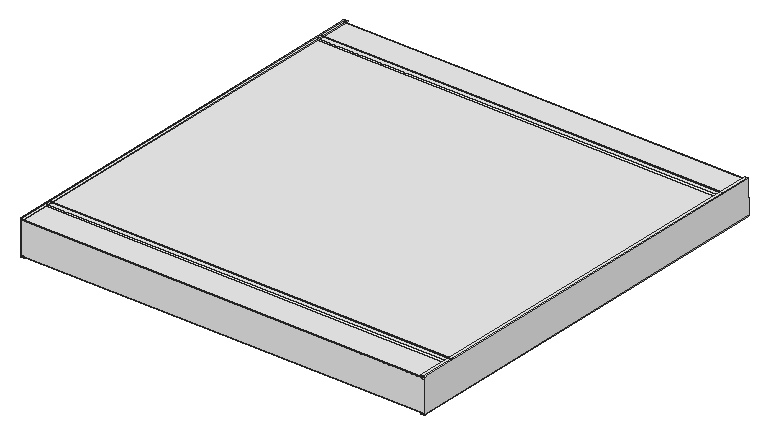
Revit family "STRT4X4-C128", category Lighting Fixtures, host Ceiling, Revit 2023
Family settings
  Host = Ceiling
  Round Connector Dimension = Use Diameter
  Part Type = Normal
  OmniClass Number = 23.80.70.11.14.17
  OmniClass Title = Direct/Indirect
  Always vertical = Yes
  Cut with Voids When Loaded = No
  Light Source = Yes
  Maintain Annotation Orientation = No
  Shared = No
  Room Calculation Point = No
Parameters (values of type "STRT4X4-LED840K160LUNV-C128")
  Width = 3' - 11 3/4"
  Wattage = 119.664 W
  built-in parameter 1150110 = 1 (stored number, unit not read)
  Voltage = 120 V  # constant formula
  URL = "https://viscor.com/products/stratis4x4"
  built-in parameter 1114217 = 0.9 (stored number, unit not read)
  Tilt Angle = 90.00°
  built-in parameter 1150109 = 1 (stored number, unit not read)
  built-in parameter 1150134 = 12
  built-in parameter 1150113 = 1 (stored number, unit not read)
  Photometric Web File = "STRT4x4-LED840K160LUNV-C128.ies"
  Model = "STRT4X4-C128"  # constant formula
  Manufacturer = "VISIONEERING by VISCOR"  # constant formula
  Lumens = 16035 lm
  built-in parameter 1150115 = 1 (stored number, unit not read)
  built-in parameter 1150105 = 1276 (stored number, unit not read)
  built-in parameter 1150137 = (empty or 0)
  built-in parameter 1150139 = (empty or 0)
  Lens Finish = Polycarbonate - Viscor - Frosted Round
  Length = 3' - 11 3/4"
  Lamp Wattage = 119.7 VA
  built-in parameter 1150112 = 1 (stored number, unit not read)
  built-in parameter 1150114 = 1 (stored number, unit not read)
  Lamp = "LED"  # constant formula
  built-in parameter 1150132 = (empty or 0)
  built-in parameter 1150102 = (empty or 0)
  built-in parameter 1150138 = (empty or 0)
  built-in parameter 1150107 = 4000 (stored number, unit not read)
  built-in parameter 1150106 = 12.76 (stored number, unit not read)
  Housing Finish = Metal - Viscor - White
  Height = 0' - 4"
  Emit from Rectangle Width = Width  # 3' - 11 3/4"
  Emit from Rectangle Length = Length  # 3' - 11 3/4"
  Emit Shape Visible in Rendering = no
  built-in parameter 1150104 = 12.449 (stored number, unit not read)
  Dimming Lamp Color Temperature Shift = <None>
  Description = "LED Fully Illuminated Backlit Premium Luminaire"  # constant formula
  Default Elevation = 0' - 0"
  Color Filter = 16777215
  built-in parameter 1114218 = 1 (stored number, unit not read)
  built-in parameter 1150133 = 10 (stored number, unit not read)
  Assembly Code = "D5020200"
  Apparent Load = Lamp Wattage  # 119.7 VA
Types (6): name | Wattage | URL | Photometric Web File | Lumens | built-in parameter 1150105 | Lamp Wattage | built-in parameter 1150106 | built-in parameter 1150104 | Apparent Load
  (no name) | 119.664 W | "https://viscor.com/products/stratis4x4" | "STRT4x4-LED840K160LUNV-C128.ies" | 16035 lm | 1276 (stored number, unit not read) | 119.7 VA | 12.76 (stored number, unit not read) | 12.449 (stored number, unit not read) | 119.7 VA
  STRT4X4-LED840K080LUNV-C128 | 57.8443 W | "https://viscor.com/products/str" | "STRT4x4-LED840K080LUNV-C128.ies" | 8023 lm | 638.45 (stored number, unit not read) | 57.8 VA | 6.3845 (stored number, unit not read) | 12.886 (stored number, unit not read) | 57.8 VA
  STRT4X4-LED840K100LUNV-C128 | 73.115 W | "https://viscor.com/products/str" | "STRT4x4-LED840K100LUNV-C128.ies" | 10046 lm | 799.44 (stored number, unit not read) | 73.1 VA | 7.9944 (stored number, unit not read) | 12.765 (stored number, unit not read) | 73.1 VA
  STRT4X4-LED840K120LUNV-C128 | 88.5095 W | "https://viscor.com/products/str" | "STRT4x4-LED840K120LUNV-C128.ies" | 12055 lm | 959.31 (stored number, unit not read) | 88.5 VA | 9.5931 (stored number, unit not read) | 12.653 (stored number, unit not read) | 88.5 VA
  STRT4X4-LED840K140LUNV-C128 | 104.533 W | "https://viscor.com/products/str" | "STRT4x4-LED840K140LUNV-C128.ies" | 14112 lm | 1123 (stored number, unit not read) | 104.5 VA | 11.23 (stored number, unit not read) | 12.542 (stored number, unit not read) | 104.5 VA
  STRT4X4-LED840K160LUNV-C128 | 119.664 W | "https://viscor.com/products/stratis4x4" | "STRT4x4-LED840K160LUNV-C128.ies" | 16035 lm | 1276 (stored number, unit not read) | 119.7 VA | 12.76 (stored number, unit not read) | 12.449 (stored number, unit not read) | 119.7 VA
Reference planes (in)
  plane 1 "Light Source Axis (F/B)": y = 0
  plane 2 "Ceiling": z = 96
  plane 3 "Light Source Axis (L/R)": x = 0
  plane 4 "Light Source Elevation": z = 92
  plane 5: y = 23.875
  plane 6: y = -23.875
  plane 7: x = -23.875
  plane 8: x = 23.875
  plane 9: y = 23.438
  plane 10: y = -23.438
  plane 11: x = -23.84375
  plane 12: x = 23.84375
  plane 13: x = -23.438
  plane 14: x = 23.43775
  plane 15 "DoorFrameBottom": z = 92
  plane 16: x = -22
  plane 17: y = 22
  plane 18: x = 22
  plane 19: y = -22
Forms (in)
  Extrusion 1, solid, material "Metal - Viscor - White" <- "Housing Finish"
    sketch origin (0, 0, 0) x (0, 1, 0) y (0, 0, 1)
      loop
        arc (23.806, 92) -> (23.85479, 92.02021) -> (23.875, 92.069) r 0.069
        line (23.875, 92.069) -> (23.875, 95.806)
        arc (23.875, 95.806) -> (23.85479, 95.85479) -> (23.806, 95.875) r 0.069
        line (23.806, 95.875) -> (20.44993, 95.875) -> (20.34426, 95.98067)
        arc (20.34426, 95.98067) -> (20.32285, 95.99498) -> (20.29759, 96) r 0.066
        line (20.29759, 96) -> (19.70241, 96)
        arc (19.70241, 96) -> (19.67715, 95.99498) -> (19.65574, 95.98067) r 0.066
        line (19.65574, 95.98067) -> (19.55007, 95.875) -> (-19.55007, 95.875) -> (-19.65574, 95.98067)
        arc (-19.65574, 95.98067) -> (-19.67715, 95.99498) -> (-19.70241, 96) r 0.066
        line (-19.70241, 96) -> (-20.29759, 96)
        arc (-20.29759, 96) -> (-20.32285, 95.99498) -> (-20.34426, 95.98067) r 0.066
        line (-20.34426, 95.98067) -> (-20.44993, 95.875) -> (-23.806, 95.875)
        arc (-23.806, 95.875) -> (-23.85479, 95.85479) -> (-23.875, 95.806) r 0.069
        line (-23.875, 95.806) -> (-23.875, 92.069)
        arc (-23.875, 92.069) -> (-23.85479, 92.02021) -> (-23.806, 92) r 0.069
        line (-23.806, 92) -> (-23.506, 92)
        arc (-23.506, 92) -> (-23.45721, 92.02021) -> (-23.437, 92.069) r 0.069
        line (-23.437, 92.069) -> (-23.437, 92.741)
        arc (-23.437, 92.741) -> (-23.42558, 92.76858) -> (-23.398, 92.78) r 0.039
        line (-23.398, 92.78) -> (-22.851, 92.78) -> (-22.851, 92.81125) -> (-23.398, 92.81125)
        arc (-23.398, 92.81125) -> (-23.44767, 92.79067) -> (-23.46825, 92.741) r 0.07025
        line (-23.46825, 92.741) -> (-23.46825, 92.069)
        arc (-23.46825, 92.069) -> (-23.47931, 92.04231) -> (-23.506, 92.03125) r 0.03775
        line (-23.506, 92.03125) -> (-23.806, 92.03125)
        arc (-23.806, 92.03125) -> (-23.83269, 92.04231) -> (-23.84375, 92.069) r 0.03775
        line (-23.84375, 92.069) -> (-23.84375, 95.806)
        arc (-23.84375, 95.806) -> (-23.83269, 95.83269) -> (-23.806, 95.84375) r 0.03775
        line (-23.806, 95.84375) -> (-20.43698, 95.84375) -> (-20.31198, 95.96875) -> (-19.68802, 95.96875) -> (-19.56302, 95.84375) -> (19.56302, 95.84375) -> (19.68802, 95.96875) -> (20.31198, 95.96875) -> (20.43698, 95.84375) -> (23.806, 95.84375)
        arc (23.806, 95.84375) -> (23.83269, 95.83269) -> (23.84375, 95.806) r 0.03775
        line (23.84375, 95.806) -> (23.84375, 92.069)
        arc (23.84375, 92.069) -> (23.83269, 92.04231) -> (23.806, 92.03125) r 0.03775
        line (23.806, 92.03125) -> (23.506, 92.03125)
        arc (23.506, 92.03125) -> (23.47931, 92.04231) -> (23.46825, 92.069) r 0.03775
        line (23.46825, 92.069) -> (23.46825, 92.741)
        arc (23.46825, 92.741) -> (23.44767, 92.79067) -> (23.398, 92.81125) r 0.07025
        line (23.398, 92.81125) -> (22.85101, 92.81125) -> (22.85101, 92.78) -> (23.398, 92.78)
        arc (23.398, 92.78) -> (23.42558, 92.76858) -> (23.437, 92.741) r 0.039
        line (23.437, 92.741) -> (23.437, 92.069)
        arc (23.437, 92.069) -> (23.45721, 92.02021) -> (23.506, 92) r 0.069
        line (23.506, 92) -> (23.806, 92)
    from -23.84375 to 23.84375
  Extrusion 2, solid, material "Metal - Viscor - White" <- "Housing Finish"
    sketch origin (0, 0, 0) x (1, 0, 0) y (0, 0, 1)
      loop
        arc (-23.84375, 95.96875) -> (-23.8346, 95.99085) -> (-23.8125, 96) r 0.03125
        line (-23.8125, 96) -> (-23.438, 96) -> (-23.438, 96.03125) -> (-23.8125, 96.03125)
        arc (-23.8125, 96.03125) -> (-23.85669, 96.01294) -> (-23.875, 95.96875) r 0.0625
        line (-23.875, 95.96875) -> (-23.875, 92.03125)
        arc (-23.875, 92.03125) -> (-23.85669, 91.98706) -> (-23.8125, 91.96875) r 0.0625
        line (-23.8125, 91.96875) -> (-23.438, 91.96875) -> (-23.438, 92) -> (-23.8125, 92)
        arc (-23.8125, 92) -> (-23.8346, 92.00915) -> (-23.84375, 92.03125) r 0.03125
        line (-23.84375, 92.03125) -> (-23.84375, 95.96875)
    from -23.875 to 23.875
  Extrusion 3, solid, material "Metal - Viscor - White" <- "Housing Finish"
    sketch origin (0, 0, 0) x (-1, 0, 0) y (0, 0, -1)
      loop
        line (-23.84375, -95.96875) -> (-23.84375, -92.03125)
        arc (-23.84375, -92.03125) -> (-23.8346, -92.00915) -> (-23.8125, -92) r 0.03125
        line (-23.8125, -92) -> (-23.438, -92) -> (-23.438, -91.96875) -> (-23.8125, -91.96875)
        arc (-23.8125, -91.96875) -> (-23.85669, -91.98706) -> (-23.875, -92.03125) r 0.0625
        line (-23.875, -92.03125) -> (-23.875, -95.96875)
        arc (-23.875, -95.96875) -> (-23.85669, -96.01294) -> (-23.8125, -96.03125) r 0.0625
        line (-23.8125, -96.03125) -> (-23.438, -96.03125) -> (-23.438, -96) -> (-23.8125, -96)
        arc (-23.8125, -96) -> (-23.8346, -95.99085) -> (-23.84375, -95.96875) r 0.03125
    from -23.875 to 23.875
  Extrusion 4, solid, material "Metal - Viscor - White" <- "Housing Finish"
    sketch origin (0, 0, 92) x (0, 1, 0) y (-1, 0, 0)
      loop
        line (-23.38722, 23.38722) -> (-23.38722, -23.38722) -> (23.38722, -23.38722) -> (23.38722, 23.38722) -> (-23.38722, 23.38722)
      loop
        line (-22, 22) -> (-22, -22) -> (22, -22) -> (22, 22) -> (-22, 22)
    from 0 to 0.82725
  Extrusion 5, solid, material "Polycarbonate - Viscor - Frosted Round" <- "Lens Finish"
    sketch origin (0, 0, 0.78125) x (0, 1, 0) y (0, 0, 1)
      loop
        line (23.25, 92.046) -> (23.25, 92.141) -> (-23.19444, 92.141) -> (-23.19444, 92.046) -> (23.25, 92.046)
    from -23.438 to 23.43775
Dimensions and locks (in)
  equal spacing: host sketch curve, plane 3 "Light Source Axis (L/R)", host sketch curve
  equal spacing: host sketch curve, plane 1 "Light Source Axis (F/B)", host sketch curve
  host sketch curve to host sketch curve = 10' - 0"  (x2)
  equal spacing: plane 7, plane 3 "Light Source Axis (L/R)", plane 8
  equal spacing: plane 5, plane 1 "Light Source Axis (F/B)", plane 6
  plane 9 to plane 5 = 0' - 0.437"
  locked: plane 12 to plane 8 at 0.03125
  locked: plane 13 to plane 7 at 0.437
  locked: plane 14 to plane 12 at 0.406
  "Length": plane 7 to plane 8
  "Width": plane 5 to plane 6
  plane 7 to plane 11 to plane 13 = 0' - 0 1/32", 0' - 0.40575"
  plane 6 to plane 10 to plane 1 "Light Source Axis (F/B)" = 0' - 0.437" locked, 1' - 11.438"
  "Height": plane 2 "Ceiling" to plane 15 "DoorFrameBottom"
  aligned and locked: plane 3 "Light Source Axis (L/R)" to imposter light
  aligned and locked: plane 1 "Light Source Axis (F/B)" to imposter light
  aligned and locked: plane 4 "Light Source Elevation" to imposter light
  aligned and locked: Extrusion 1 to plane 11
  aligned and locked: Extrusion 1 to plane 12
  aligned and locked: Extrusion 2 to plane 6
  aligned and locked: plane 5 to Extrusion 2
  aligned and locked: Extrusion 3 to plane 6
  aligned and locked: plane 5 to Extrusion 3
  aligned and locked: Extrusion 5 to plane 13
  aligned and locked: Extrusion 5 to plane 14
  aligned and locked: plane 16 to Extrusion 4
  aligned and locked: Extrusion 4 to plane 17
  aligned and locked: Extrusion 4 to plane 18
  aligned and locked: plane 19 to Extrusion 4
Automatic sketch dimensions
  Extrusion 1 sketch curve to Extrusion 1 sketch curve = 0' - 0"  (x16)
  Extrusion 1 sketch curve to plane 6 = 0' - 0"
  Extrusion 1 sketch curve to plane 15 "DoorFrameBottom" = 0' - 0"  (x2)
  Extrusion 1 sketch curve to plane 2 "Ceiling" = 0' - 0"  (x2)
  Extrusion 1 sketch curve to plane 5 = 0' - 0"
  Extrusion 1 sketch curve to Extrusion 1 sketch curve = 0' - 0 1/32"
  plane 6 to Extrusion 1 sketch curve = 0' - 0.069"
  Extrusion 1 sketch curve to Extrusion 1 sketch curve = 0' - 0.03775"  (x3)
  Extrusion 1 sketch curve to plane 10 = 0' - 0.068"
  Extrusion 1 sketch curve to plane 10 = 0' - 0.03025"
  Extrusion 1 sketch curve to Extrusion 1 sketch curve = 0' - 0.039"
  Extrusion 1 sketch curve to Extrusion 1 sketch curve = 0' - 0.54699"
  Extrusion 1 sketch curve to plane 2 "Ceiling" = 0' - 0 1/8"  (x3)
  plane 10 to Extrusion 1 sketch curve = 0' - 2.98807"
  Extrusion 1 sketch curve to Extrusion 1 sketch curve = 0' - 0.01294"  (x4)
  Extrusion 1 sketch curve to plane 2 "Ceiling" = 0' - 0.01933"  (x4)
  Extrusion 1 sketch curve to Extrusion 1 sketch curve = 0' - 0.10567"  (x2)
  Extrusion 1 sketch curve to plane 2 "Ceiling" = 0' - 0 1/32"  (x2)
  Extrusion 1 sketch curve to Extrusion 1 sketch curve = 0' - 0.03228"  (x2)
  Extrusion 1 sketch curve to Extrusion 1 sketch curve = 0' - 0.01439"  (x4)
  Extrusion 1 sketch curve to plane 2 "Ceiling" = 0' - 0.066"  (x2)
  Extrusion 1 sketch curve to Extrusion 1 sketch curve = 0' - 0.59518"  (x2)
  Extrusion 1 sketch curve to plane 2 "Ceiling" = 0' - 0 5/32"  (x2)
  Extrusion 1 sketch curve to Extrusion 1 sketch curve = 0' - 0.09272"  (x2)
  Extrusion 1 sketch curve to plane 9 = 0' - 3.88793"
  Extrusion 1 sketch curve to plane 9 = 0' - 0.58699"
  Extrusion 1 sketch curve to plane 9 = 0' - 0.04"
  Extrusion 1 sketch curve to plane 9 = 0' - 0.001"
  Extrusion 1 sketch curve to plane 5 = 0' - 0.069"
  Extrusion 1 sketch curve to Extrusion 1 sketch curve = 0' - 0.672"  (x2)
  Extrusion 2 sketch curve to Extrusion 2 sketch curve = 0' - 0"  (x4)
  Extrusion 2 sketch curve to plane 7 = 0' - 0"
  Extrusion 2 sketch curve to plane 11 = 0' - 0"
  Extrusion 2 sketch curve to plane 15 "DoorFrameBottom" = 0' - 0"
  Extrusion 2 sketch curve to plane 2 "Ceiling" = 0' - 0"
  Extrusion 2 sketch curve to plane 13 = 0' - 0"  (x2)
  plane 11 to Extrusion 2 sketch curve = 0' - 0 1/32"  (x2)
  Extrusion 3 sketch curve to Extrusion 3 sketch curve = 0' - 0"  (x4)
  Extrusion 3 sketch curve to plane 8 = 0' - 0"
  Extrusion 3 sketch curve to plane 12 = 0' - 0"
  Extrusion 3 sketch curve to plane 15 "DoorFrameBottom" = 0' - 0"
  Extrusion 3 sketch curve to plane 2 "Ceiling" = 0' - 0"
  Extrusion 3 sketch curve to Extrusion 3 sketch curve = 0' - 0 1/32"
  plane 12 to Extrusion 3 sketch curve = 0' - 0 1/32"
  Extrusion 3 sketch curve to plane 14 = 0' - 0.00025"  (x2)
  plane 10 to Extrusion 4 sketch curve = 0' - 0 13/256"
  plane 10 to Extrusion 4 sketch curve = 0' - 1.438"
  Extrusion 4 sketch curve to plane 9 = 0' - 1.438"
  Extrusion 4 sketch curve to plane 9 = 0' - 0 13/256"
  Extrusion 4 sketch curve to plane 14 = 0' - 0.05053"
  Extrusion 4 sketch curve to plane 14 = 0' - 1.43775"
  plane 13 to Extrusion 4 sketch curve = 0' - 1.438"
  plane 13 to Extrusion 4 sketch curve = 0' - 0 13/256"
  plane 15 "DoorFrameBottom" to Extrusion 5 sketch curve = 0' - 0.82725"
  plane 10 to Extrusion 5 sketch curve = 0' - 0.24356"
  Extrusion 5 sketch curve to plane 9 = 0' - 0.188"
  Extrusion 5 sketch curve to Extrusion 5 sketch curve = 0' - 0.095"
Connectors (in)
  electrical at (0, 0, 92), driven by "Voltage", driven by "Lamp Wattage"
    settings: index 2, voltage 120 V, apparent load 0 VA, apparent load phase1 119.7 VA, apparent load phase2 0 VA, apparent load phase3 0 VA, power factor 1, load classification "Other", number of poles 1, system type 31, power factor state 1, is connector primary yes, connector utility no, sub classification motor no, connector description ""
